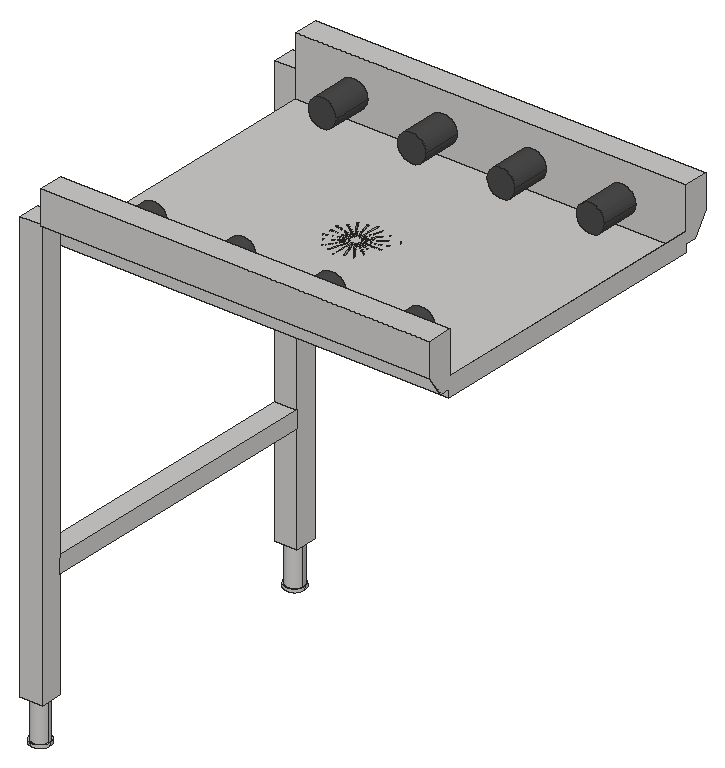
Revit family "QF_ELECTROLUXPROFESSIONAL_863139_HSSRC7", category Specialty Equipment, Revit 2018
Family settings
  Round Connector Dimension = Use Diameter
  Part Type = Normal
  Work Plane-Based = No
  Always vertical = Yes
  Cut with Voids When Loaded = No
  Shared = No
  Room Calculation Point = No
Parameters (values of type "QF_ELECTROLUX_863139_HSSRC7")
  Weight = 11.00 kg
  Watts = 0 W
  Volts = 0 V
  URL Manufacturer = "http://professional.electrolux.com"
  URL = "http://professional.electrolux.com"
  Steam Supply Size = 0 mm
  Steam Supply Minimum Pressure = 0.0 Pa
  Steam Supply Maximum Pressure = 0.0 Pa
  Steam Pounds per Hour = 0
  Refrigeration Suction Line Size = 0 mm
  Refrigeration Liquid Line Size = 0 mm
  Refrigerant Compressor Remote = yes
  Manufacturer = "Electrolux"
  Phase = 0
  Model = "HSSRC7"
  Length Actual = 700 mm  # constant formula
  Item Number = "863139"
  Hot Water Size = 0 mm
  Height Actual = 910 mm  # constant formula
  HP = "0 HP"
  Gas Size = 0 mm
  Gas KW = 0
  Gas Input Pressure = 0 W
  Description = "CONVEYOR, SHORT ROLLERS, 700 MM"
  Depth Actual = 620 mm  # constant formula
  Cycle = 0 Hz
  Condensate Return Size = 0 mm
  Compressed Air Volume = 0.0 L/s
  Compressed Air Size = 0 mm
  Compressed Air Pressure = 0.0 Pa
  Cold Water Size = 0 mm
  Accessory = yes
Values of the unnamed type that differ from the named types
  URL Manufacturer = ""
  Item Number = ""
  HP = ""
Reference planes
  plane 1 "Centro (Fronte/Retro)": y = 74.737
  plane 2: z = 0
  plane 3 "LEFT": x = -1038.761
  plane 4 "BACK": y = 384.737
  plane 5 "FRONT": y = -235.263
  plane 6: z = 910
  plane 7 "RIGHT": x = -338.761
  plane 8: x = -718.761
Forms (mm)
  Extrusion 1, solid, material "QF_Finishes_Stainless Steel"
    sketch origin (0, 74.737, 0) x (1, 0, 0) y (0, 0, 1)
      loop
        line (-1079.929, 300) -> (-1079.929, 270) -> (-1039.929, 270) -> (-1039.929, 300) -> (-1079.929, 300)
    from -266.504 to 266.46
  Extrusion 2, solid, material "QF_Finishes_Stainless Steel"
    sketch origin (111.239, 0, 0) x (0, 1, 0) y (0, 0, 1)
      loop
        line (-235.263, 910) -> (-235.263, 850.033) -> (-190.242, 850.033) -> (-190.242, 910) -> (-235.263, 910)
      loop
        line (384.737, 910) -> (339.716, 910) -> (339.716, 850.033) -> (384.737, 850.033) -> (384.737, 910)
    from -1151.168 to -451.168
  Extrusion 3, solid, material "QF_Finishes_Stainless Steel"
    sketch origin (111.239, 0, 0) x (0, 1, 0) y (0, 0, 1)
      loop
        line (-191.727, 850.033) -> (-191.727, 800.081) -> (341.245, 800.081) -> (341.245, 850.033) -> (339.716, 850.033) -> (339.716, 803.081) -> (-190.242, 803.081) -> (-190.242, 850.033) -> (-191.727, 850.033)
    from -1151.168 to -451.168
  Extrusion 4, solid, material "QF_Finishes_Stainless Steel"
    sketch origin (1161.239, 723.253, 4000) x (0, 1, 0) y (0, 0, 1)
      loop
        line (-958.516, -3090) -> (-958.516, -3149.967) -> (-934.752, -3185.632) -> (-915.4, -3185.632) -> (-915.4, -3199.919) -> (-381.633, -3199.919) -> (-381.633, -3185.632) -> (-362.281, -3185.632) -> (-338.516, -3149.967) -> (-338.516, -3090) -> (-383.538, -3090) -> (-383.538, -3165.411) -> (-913.495, -3165.411) -> (-913.495, -3090) -> (-958.516, -3090)
    from -1500 to -1501.168
  Revolve 5, solid, material "QF_Finishes_Stainless Steel"
    sketch origin (-718.761, 0, 0) x (0, 1, 0) y (0, 0, 1)
      loop
        line (74.737, 800.081) -> (12.53, 800.081) -> (12.319, 797.4) -> (12.319, 785.476) -> (17.293, 785.476) -> (17.293, 781.772)
        arc (17.293, 781.772) -> (20.266, 773.808) -> (27.77, 769.813) r 11.998
        line (27.77, 769.813) -> (74.737, 764.085) -> (74.737, 800.081)
      axis (74.737, 764.085) -> (74.737, 800.081)
    angle from 0 to 360
  Revolve 6, solid, material "QF_Finishes_Stainless Steel"
    sketch origin (-688.761, -1524, 744.096) x (0, 0, 1) y (0, -1, 0)
      loop
        line (13.017, -1619.713) -> (30, -1619.713) -> (30, -1598.737) -> (0, -1598.737) -> (0, -1619.713) -> (2.434, -1622.253) -> (10.477, -1622.253) -> (13.017, -1619.713)
      axis (0, -1598.737) -> (30, -1598.737)
    angle from 0 to 360
  Extrusion 7, solid, material "QF_Finishes_Black"
    sketch origin (95, 74.737, 0) x (1, 0, 0) y (0, 0, -1)
      loop
        circle (-1028.137, -850.115) r 25
      loop
        circle (-867.137, -850.115) r 25
      loop
        circle (-706.137, -850.115) r 25
      loop
        circle (-545.137, -850.115) r 25
    from 190.58 to 260.534
  Extrusion 8, void
    sketch origin (-720.285, 74.899, -57.5) x (1, 0, 0) y (0, 1, 0)
      loop
        arc (-0.452, 24.162) -> (-1.193, 23.855) -> (-1.5, 23.114) r 1.048
        line (-1.5, 23.114) -> (-1.5, 10.174)
        arc (-1.5, 10.174) -> (-1.204, 9.458) -> (-0.488, 9.162) r 1.012
        line (-0.488, 9.162) -> (0.467, 9.162)
        arc (0.467, 9.162) -> (1.197, 9.465) -> (1.5, 10.196) r 1.033
        line (1.5, 10.196) -> (1.5, 23.164)
        arc (1.5, 23.164) -> (1.208, 23.87) -> (0.502, 24.162) r 0.998
        line (0.502, 24.162) -> (-0.452, 24.162)
      loop
        arc (-1.5, 28.981) -> (-1.204, 28.266) -> (-0.488, 27.97) r 1.012
        line (-0.488, 27.97) -> (0.467, 27.97)
        arc (0.467, 27.97) -> (1.197, 28.272) -> (1.5, 29.003) r 1.033
        line (1.5, 29.003) -> (1.5, 49.094)
        arc (1.5, 49.094) -> (1.208, 49.8) -> (0.502, 50.092) r 0.998
        line (0.502, 50.092) -> (-0.452, 50.092)
        arc (-0.452, 50.092) -> (-1.193, 49.785) -> (-1.5, 49.044) r 1.048
        line (-1.5, 49.044) -> (-1.5, 28.981)
    from 829.129 to 875
  Extrusion 9, void
    sketch origin (-720.285, 74.899, -57.5) x (0.809017, -0.587785, 0) y (0.587785, 0.809017, 0)
      loop
        arc (-0.452, 24.162) -> (-1.193, 23.855) -> (-1.5, 23.114) r 1.048
        line (-1.5, 23.114) -> (-1.5, 10.174)
        arc (-1.5, 10.174) -> (-1.204, 9.458) -> (-0.488, 9.162) r 1.012
        line (-0.488, 9.162) -> (0.467, 9.162)
        arc (0.467, 9.162) -> (1.197, 9.465) -> (1.5, 10.196) r 1.033
        line (1.5, 10.196) -> (1.5, 23.164)
        arc (1.5, 23.164) -> (1.208, 23.87) -> (0.502, 24.162) r 0.998
        line (0.502, 24.162) -> (-0.452, 24.162)
      loop
        arc (-1.5, 28.981) -> (-1.204, 28.266) -> (-0.488, 27.97) r 1.012
        line (-0.488, 27.97) -> (0.467, 27.97)
        arc (0.467, 27.97) -> (1.197, 28.272) -> (1.5, 29.003) r 1.033
        line (1.5, 29.003) -> (1.5, 49.094)
        arc (1.5, 49.094) -> (1.208, 49.8) -> (0.502, 50.092) r 0.998
        line (0.502, 50.092) -> (-0.452, 50.092)
        arc (-0.452, 50.092) -> (-1.193, 49.785) -> (-1.5, 49.044) r 1.048
        line (-1.5, 49.044) -> (-1.5, 28.981)
    from 829.129 to 875
  Extrusion 10, void
    sketch origin (-720.285, 74.899, -57.5) x (0.809017, 0.587785, 0) y (-0.587785, 0.809017, 0)
      loop
        arc (-0.452, 24.162) -> (-1.193, 23.855) -> (-1.5, 23.114) r 1.048
        line (-1.5, 23.114) -> (-1.5, 10.174)
        arc (-1.5, 10.174) -> (-1.204, 9.458) -> (-0.488, 9.162) r 1.012
        line (-0.488, 9.162) -> (0.467, 9.162)
        arc (0.467, 9.162) -> (1.197, 9.465) -> (1.5, 10.196) r 1.033
        line (1.5, 10.196) -> (1.5, 23.164)
        arc (1.5, 23.164) -> (1.208, 23.87) -> (0.502, 24.162) r 0.998
        line (0.502, 24.162) -> (-0.452, 24.162)
      loop
        arc (-1.5, 28.981) -> (-1.204, 28.266) -> (-0.488, 27.97) r 1.012
        line (-0.488, 27.97) -> (0.467, 27.97)
        arc (0.467, 27.97) -> (1.197, 28.272) -> (1.5, 29.003) r 1.033
        line (1.5, 29.003) -> (1.5, 49.094)
        arc (1.5, 49.094) -> (1.208, 49.8) -> (0.502, 50.092) r 0.998
        line (0.502, 50.092) -> (-0.452, 50.092)
        arc (-0.452, 50.092) -> (-1.193, 49.785) -> (-1.5, 49.044) r 1.048
        line (-1.5, 49.044) -> (-1.5, 28.981)
    from 829.129 to 875
  Extrusion 11, void
    sketch origin (-720.285, 74.899, -57.5) x (0.309017, 0.951057, 0) y (-0.951057, 0.309017, 0)
      loop
        arc (-0.452, 24.162) -> (-1.193, 23.855) -> (-1.5, 23.114) r 1.048
        line (-1.5, 23.114) -> (-1.5, 10.174)
        arc (-1.5, 10.174) -> (-1.204, 9.458) -> (-0.488, 9.162) r 1.012
        line (-0.488, 9.162) -> (0.467, 9.162)
        arc (0.467, 9.162) -> (1.197, 9.465) -> (1.5, 10.196) r 1.033
        line (1.5, 10.196) -> (1.5, 23.164)
        arc (1.5, 23.164) -> (1.208, 23.87) -> (0.502, 24.162) r 0.998
        line (0.502, 24.162) -> (-0.452, 24.162)
      loop
        arc (-1.5, 28.981) -> (-1.204, 28.266) -> (-0.488, 27.97) r 1.012
        line (-0.488, 27.97) -> (0.467, 27.97)
        arc (0.467, 27.97) -> (1.197, 28.272) -> (1.5, 29.003) r 1.033
        line (1.5, 29.003) -> (1.5, 49.094)
        arc (1.5, 49.094) -> (1.208, 49.8) -> (0.502, 50.092) r 0.998
        line (0.502, 50.092) -> (-0.452, 50.092)
        arc (-0.452, 50.092) -> (-1.193, 49.785) -> (-1.5, 49.044) r 1.048
        line (-1.5, 49.044) -> (-1.5, 28.981)
    from 829.129 to 875
  Extrusion 12, void
    sketch origin (-720.285, 74.899, -57.5) x (-0.309017, 0.951057, 0) y (-0.951057, -0.309017, 0)
      loop
        arc (-0.452, 24.162) -> (-1.193, 23.855) -> (-1.5, 23.114) r 1.048
        line (-1.5, 23.114) -> (-1.5, 10.174)
        arc (-1.5, 10.174) -> (-1.204, 9.458) -> (-0.488, 9.162) r 1.012
        line (-0.488, 9.162) -> (0.467, 9.162)
        arc (0.467, 9.162) -> (1.197, 9.465) -> (1.5, 10.196) r 1.033
        line (1.5, 10.196) -> (1.5, 23.164)
        arc (1.5, 23.164) -> (1.208, 23.87) -> (0.502, 24.162) r 0.998
        line (0.502, 24.162) -> (-0.452, 24.162)
      loop
        arc (-1.5, 28.981) -> (-1.204, 28.266) -> (-0.488, 27.97) r 1.012
        line (-0.488, 27.97) -> (0.467, 27.97)
        arc (0.467, 27.97) -> (1.197, 28.272) -> (1.5, 29.003) r 1.033
        line (1.5, 29.003) -> (1.5, 49.094)
        arc (1.5, 49.094) -> (1.208, 49.8) -> (0.502, 50.092) r 0.998
        line (0.502, 50.092) -> (-0.452, 50.092)
        arc (-0.452, 50.092) -> (-1.193, 49.785) -> (-1.5, 49.044) r 1.048
        line (-1.5, 49.044) -> (-1.5, 28.981)
    from 829.129 to 875
  Extrusion 13, void
    sketch origin (-720.285, 74.899, -57.5) x (-0.809017, 0.587785, 0) y (-0.587785, -0.809017, 0)
      loop
        arc (-0.452, 24.162) -> (-1.193, 23.855) -> (-1.5, 23.114) r 1.048
        line (-1.5, 23.114) -> (-1.5, 10.174)
        arc (-1.5, 10.174) -> (-1.204, 9.458) -> (-0.488, 9.162) r 1.012
        line (-0.488, 9.162) -> (0.467, 9.162)
        arc (0.467, 9.162) -> (1.197, 9.465) -> (1.5, 10.196) r 1.033
        line (1.5, 10.196) -> (1.5, 23.164)
        arc (1.5, 23.164) -> (1.208, 23.87) -> (0.502, 24.162) r 0.998
        line (0.502, 24.162) -> (-0.452, 24.162)
      loop
        arc (-1.5, 28.981) -> (-1.204, 28.266) -> (-0.488, 27.97) r 1.012
        line (-0.488, 27.97) -> (0.467, 27.97)
        arc (0.467, 27.97) -> (1.197, 28.272) -> (1.5, 29.003) r 1.033
        line (1.5, 29.003) -> (1.5, 49.094)
        arc (1.5, 49.094) -> (1.208, 49.8) -> (0.502, 50.092) r 0.998
        line (0.502, 50.092) -> (-0.452, 50.092)
        arc (-0.452, 50.092) -> (-1.193, 49.785) -> (-1.5, 49.044) r 1.048
        line (-1.5, 49.044) -> (-1.5, 28.981)
    from 829.129 to 875
  Extrusion 14, void
    sketch origin (-720.285, 74.899, -57.5) x (-1, 0, 0) y (0, -1, 0)
      loop
        arc (-0.452, 24.162) -> (-1.193, 23.855) -> (-1.5, 23.114) r 1.048
        line (-1.5, 23.114) -> (-1.5, 10.174)
        arc (-1.5, 10.174) -> (-1.204, 9.458) -> (-0.488, 9.162) r 1.012
        line (-0.488, 9.162) -> (0.467, 9.162)
        arc (0.467, 9.162) -> (1.197, 9.465) -> (1.5, 10.196) r 1.033
        line (1.5, 10.196) -> (1.5, 23.164)
        arc (1.5, 23.164) -> (1.208, 23.87) -> (0.502, 24.162) r 0.998
        line (0.502, 24.162) -> (-0.452, 24.162)
      loop
        arc (-1.5, 28.981) -> (-1.204, 28.266) -> (-0.488, 27.97) r 1.012
        line (-0.488, 27.97) -> (0.467, 27.97)
        arc (0.467, 27.97) -> (1.197, 28.272) -> (1.5, 29.003) r 1.033
        line (1.5, 29.003) -> (1.5, 49.094)
        arc (1.5, 49.094) -> (1.208, 49.8) -> (0.502, 50.092) r 0.998
        line (0.502, 50.092) -> (-0.452, 50.092)
        arc (-0.452, 50.092) -> (-1.193, 49.785) -> (-1.5, 49.044) r 1.048
        line (-1.5, 49.044) -> (-1.5, 28.981)
    from 829.129 to 875
  Extrusion 15, void
    sketch origin (-720.285, 74.899, -57.5) x (-0.809017, -0.587785, 0) y (0.587785, -0.809017, 0)
      loop
        arc (-0.452, 24.162) -> (-1.193, 23.855) -> (-1.5, 23.114) r 1.048
        line (-1.5, 23.114) -> (-1.5, 10.174)
        arc (-1.5, 10.174) -> (-1.204, 9.458) -> (-0.488, 9.162) r 1.012
        line (-0.488, 9.162) -> (0.467, 9.162)
        arc (0.467, 9.162) -> (1.197, 9.465) -> (1.5, 10.196) r 1.033
        line (1.5, 10.196) -> (1.5, 23.164)
        arc (1.5, 23.164) -> (1.208, 23.87) -> (0.502, 24.162) r 0.998
        line (0.502, 24.162) -> (-0.452, 24.162)
      loop
        arc (-1.5, 28.981) -> (-1.204, 28.266) -> (-0.488, 27.97) r 1.012
        line (-0.488, 27.97) -> (0.467, 27.97)
        arc (0.467, 27.97) -> (1.197, 28.272) -> (1.5, 29.003) r 1.033
        line (1.5, 29.003) -> (1.5, 49.094)
        arc (1.5, 49.094) -> (1.208, 49.8) -> (0.502, 50.092) r 0.998
        line (0.502, 50.092) -> (-0.452, 50.092)
        arc (-0.452, 50.092) -> (-1.193, 49.785) -> (-1.5, 49.044) r 1.048
        line (-1.5, 49.044) -> (-1.5, 28.981)
    from 829.129 to 875
  Extrusion 16, void
    sketch origin (-720.285, 74.899, -57.5) x (-0.309017, -0.951057, 0) y (0.951057, -0.309017, 0)
      loop
        arc (-0.452, 24.162) -> (-1.193, 23.855) -> (-1.5, 23.114) r 1.048
        line (-1.5, 23.114) -> (-1.5, 10.174)
        arc (-1.5, 10.174) -> (-1.204, 9.458) -> (-0.488, 9.162) r 1.012
        line (-0.488, 9.162) -> (0.467, 9.162)
        arc (0.467, 9.162) -> (1.197, 9.465) -> (1.5, 10.196) r 1.033
        line (1.5, 10.196) -> (1.5, 23.164)
        arc (1.5, 23.164) -> (1.208, 23.87) -> (0.502, 24.162) r 0.998
        line (0.502, 24.162) -> (-0.452, 24.162)
      loop
        arc (-1.5, 28.981) -> (-1.204, 28.266) -> (-0.488, 27.97) r 1.012
        line (-0.488, 27.97) -> (0.467, 27.97)
        arc (0.467, 27.97) -> (1.197, 28.272) -> (1.5, 29.003) r 1.033
        line (1.5, 29.003) -> (1.5, 49.094)
        arc (1.5, 49.094) -> (1.208, 49.8) -> (0.502, 50.092) r 0.998
        line (0.502, 50.092) -> (-0.452, 50.092)
        arc (-0.452, 50.092) -> (-1.193, 49.785) -> (-1.5, 49.044) r 1.048
        line (-1.5, 49.044) -> (-1.5, 28.981)
    from 829.129 to 875
  Extrusion 17, void
    sketch origin (-720.285, 74.899, -57.5) x (0.309017, -0.951057, 0) y (0.951057, 0.309017, 0)
      loop
        arc (-0.452, 24.162) -> (-1.193, 23.855) -> (-1.5, 23.114) r 1.048
        line (-1.5, 23.114) -> (-1.5, 10.174)
        arc (-1.5, 10.174) -> (-1.204, 9.458) -> (-0.488, 9.162) r 1.012
        line (-0.488, 9.162) -> (0.467, 9.162)
        arc (0.467, 9.162) -> (1.197, 9.465) -> (1.5, 10.196) r 1.033
        line (1.5, 10.196) -> (1.5, 23.164)
        arc (1.5, 23.164) -> (1.208, 23.87) -> (0.502, 24.162) r 0.998
        line (0.502, 24.162) -> (-0.452, 24.162)
      loop
        arc (-1.5, 28.981) -> (-1.204, 28.266) -> (-0.488, 27.97) r 1.012
        line (-0.488, 27.97) -> (0.467, 27.97)
        arc (0.467, 27.97) -> (1.197, 28.272) -> (1.5, 29.003) r 1.033
        line (1.5, 29.003) -> (1.5, 49.094)
        arc (1.5, 49.094) -> (1.208, 49.8) -> (0.502, 50.092) r 0.998
        line (0.502, 50.092) -> (-0.452, 50.092)
        arc (-0.452, 50.092) -> (-1.193, 49.785) -> (-1.5, 49.044) r 1.048
        line (-1.5, 49.044) -> (-1.5, 28.981)
    from 829.129 to 875
  Extrusion 18, void
    sketch origin (-990.285, 74.899, -57.5) x (1, 0, 0) y (0, 1, 0)
      loop
        circle (270, 0) r 5
    from 829.129 to 875
  Extrusion 19, void
    sketch origin (-720.285, 74.899, -57.5) x (1, 0, 0) y (0, 1, 0)
      loop
        arc (-24.168, 1.5) -> (-24.873, 1.208) -> (-25.165, 0.503) r 0.997
        line (-25.165, 0.503) -> (-25.165, -0.487)
        arc (-25.165, -0.487) -> (-24.868, -1.203) -> (-24.152, -1.5) r 1.013
        line (-24.152, -1.5) -> (-14.992, -1.5)
        arc (-14.992, -1.5) -> (-14.284, -1.207) -> (-13.992, -0.5) r 1
        line (-13.992, -0.5) -> (-13.992, 0.465)
        arc (-13.992, 0.465) -> (-14.295, 1.197) -> (-15.027, 1.5) r 1.035
        line (-15.027, 1.5) -> (-24.168, 1.5)
      loop
        arc (-45.428, 1.5) -> (-46.134, 1.208) -> (-46.426, 0.503) r 0.997
        line (-46.426, 0.503) -> (-46.426, -0.487)
        arc (-46.426, -0.487) -> (-46.129, -1.203) -> (-45.412, -1.5) r 1.013
        line (-45.412, -1.5) -> (-30.627, -1.5)
        arc (-30.627, -1.5) -> (-29.92, -1.207) -> (-29.627, -0.5) r 1
        line (-29.627, -0.5) -> (-29.627, 0.465)
        arc (-29.627, 0.465) -> (-29.93, 1.197) -> (-30.662, 1.5) r 1.035
        line (-30.662, 1.5) -> (-45.428, 1.5)
    from 829.129 to 875
  Extrusion 20, void
    sketch origin (-720.285, 74.899, -57.5) x (0.809017, -0.587785, 0) y (0.587785, 0.809017, 0)
      loop
        arc (-24.168, 1.5) -> (-24.873, 1.208) -> (-25.165, 0.503) r 0.997
        line (-25.165, 0.503) -> (-25.165, -0.487)
        arc (-25.165, -0.487) -> (-24.868, -1.203) -> (-24.152, -1.5) r 1.013
        line (-24.152, -1.5) -> (-14.992, -1.5)
        arc (-14.992, -1.5) -> (-14.284, -1.207) -> (-13.992, -0.5) r 1
        line (-13.992, -0.5) -> (-13.992, 0.465)
        arc (-13.992, 0.465) -> (-14.295, 1.197) -> (-15.027, 1.5) r 1.035
        line (-15.027, 1.5) -> (-24.168, 1.5)
      loop
        arc (-45.428, 1.5) -> (-46.134, 1.208) -> (-46.426, 0.503) r 0.997
        line (-46.426, 0.503) -> (-46.426, -0.487)
        arc (-46.426, -0.487) -> (-46.129, -1.203) -> (-45.412, -1.5) r 1.013
        line (-45.412, -1.5) -> (-30.627, -1.5)
        arc (-30.627, -1.5) -> (-29.92, -1.207) -> (-29.627, -0.5) r 1
        line (-29.627, -0.5) -> (-29.627, 0.465)
        arc (-29.627, 0.465) -> (-29.93, 1.197) -> (-30.662, 1.5) r 1.035
        line (-30.662, 1.5) -> (-45.428, 1.5)
    from 829.129 to 875
  Extrusion 21, void
    sketch origin (-720.285, 74.899, -57.5) x (0.809017, 0.587785, 0) y (-0.587785, 0.809017, 0)
      loop
        arc (-24.168, 1.5) -> (-24.873, 1.208) -> (-25.165, 0.503) r 0.997
        line (-25.165, 0.503) -> (-25.165, -0.487)
        arc (-25.165, -0.487) -> (-24.868, -1.203) -> (-24.152, -1.5) r 1.013
        line (-24.152, -1.5) -> (-14.992, -1.5)
        arc (-14.992, -1.5) -> (-14.284, -1.207) -> (-13.992, -0.5) r 1
        line (-13.992, -0.5) -> (-13.992, 0.465)
        arc (-13.992, 0.465) -> (-14.295, 1.197) -> (-15.027, 1.5) r 1.035
        line (-15.027, 1.5) -> (-24.168, 1.5)
      loop
        arc (-45.428, 1.5) -> (-46.134, 1.208) -> (-46.426, 0.503) r 0.997
        line (-46.426, 0.503) -> (-46.426, -0.487)
        arc (-46.426, -0.487) -> (-46.129, -1.203) -> (-45.412, -1.5) r 1.013
        line (-45.412, -1.5) -> (-30.627, -1.5)
        arc (-30.627, -1.5) -> (-29.92, -1.207) -> (-29.627, -0.5) r 1
        line (-29.627, -0.5) -> (-29.627, 0.465)
        arc (-29.627, 0.465) -> (-29.93, 1.197) -> (-30.662, 1.5) r 1.035
        line (-30.662, 1.5) -> (-45.428, 1.5)
    from 829.129 to 875
  Extrusion 22, void
    sketch origin (-720.285, 74.899, -57.5) x (0.309017, 0.951057, 0) y (-0.951057, 0.309017, 0)
      loop
        arc (-24.168, 1.5) -> (-24.873, 1.208) -> (-25.165, 0.503) r 0.997
        line (-25.165, 0.503) -> (-25.165, -0.487)
        arc (-25.165, -0.487) -> (-24.868, -1.203) -> (-24.152, -1.5) r 1.013
        line (-24.152, -1.5) -> (-14.992, -1.5)
        arc (-14.992, -1.5) -> (-14.284, -1.207) -> (-13.992, -0.5) r 1
        line (-13.992, -0.5) -> (-13.992, 0.465)
        arc (-13.992, 0.465) -> (-14.295, 1.197) -> (-15.027, 1.5) r 1.035
        line (-15.027, 1.5) -> (-24.168, 1.5)
      loop
        arc (-45.428, 1.5) -> (-46.134, 1.208) -> (-46.426, 0.503) r 0.997
        line (-46.426, 0.503) -> (-46.426, -0.487)
        arc (-46.426, -0.487) -> (-46.129, -1.203) -> (-45.412, -1.5) r 1.013
        line (-45.412, -1.5) -> (-30.627, -1.5)
        arc (-30.627, -1.5) -> (-29.92, -1.207) -> (-29.627, -0.5) r 1
        line (-29.627, -0.5) -> (-29.627, 0.465)
        arc (-29.627, 0.465) -> (-29.93, 1.197) -> (-30.662, 1.5) r 1.035
        line (-30.662, 1.5) -> (-45.428, 1.5)
    from 829.129 to 875
  Extrusion 23, void
    sketch origin (-720.285, 74.899, -57.5) x (-0.309017, 0.951057, 0) y (-0.951057, -0.309017, 0)
      loop
        arc (-24.168, 1.5) -> (-24.873, 1.208) -> (-25.165, 0.503) r 0.997
        line (-25.165, 0.503) -> (-25.165, -0.487)
        arc (-25.165, -0.487) -> (-24.868, -1.203) -> (-24.152, -1.5) r 1.013
        line (-24.152, -1.5) -> (-14.992, -1.5)
        arc (-14.992, -1.5) -> (-14.284, -1.207) -> (-13.992, -0.5) r 1
        line (-13.992, -0.5) -> (-13.992, 0.465)
        arc (-13.992, 0.465) -> (-14.295, 1.197) -> (-15.027, 1.5) r 1.035
        line (-15.027, 1.5) -> (-24.168, 1.5)
      loop
        arc (-45.428, 1.5) -> (-46.134, 1.208) -> (-46.426, 0.503) r 0.997
        line (-46.426, 0.503) -> (-46.426, -0.487)
        arc (-46.426, -0.487) -> (-46.129, -1.203) -> (-45.412, -1.5) r 1.013
        line (-45.412, -1.5) -> (-30.627, -1.5)
        arc (-30.627, -1.5) -> (-29.92, -1.207) -> (-29.627, -0.5) r 1
        line (-29.627, -0.5) -> (-29.627, 0.465)
        arc (-29.627, 0.465) -> (-29.93, 1.197) -> (-30.662, 1.5) r 1.035
        line (-30.662, 1.5) -> (-45.428, 1.5)
    from 829.129 to 875
  Extrusion 24, void
    sketch origin (-720.285, 74.899, -57.5) x (-0.809017, 0.587785, 0) y (-0.587785, -0.809017, 0)
      loop
        arc (-24.168, 1.5) -> (-24.873, 1.208) -> (-25.165, 0.503) r 0.997
        line (-25.165, 0.503) -> (-25.165, -0.487)
        arc (-25.165, -0.487) -> (-24.868, -1.203) -> (-24.152, -1.5) r 1.013
        line (-24.152, -1.5) -> (-14.992, -1.5)
        arc (-14.992, -1.5) -> (-14.284, -1.207) -> (-13.992, -0.5) r 1
        line (-13.992, -0.5) -> (-13.992, 0.465)
        arc (-13.992, 0.465) -> (-14.295, 1.197) -> (-15.027, 1.5) r 1.035
        line (-15.027, 1.5) -> (-24.168, 1.5)
      loop
        arc (-45.428, 1.5) -> (-46.134, 1.208) -> (-46.426, 0.503) r 0.997
        line (-46.426, 0.503) -> (-46.426, -0.487)
        arc (-46.426, -0.487) -> (-46.129, -1.203) -> (-45.412, -1.5) r 1.013
        line (-45.412, -1.5) -> (-30.627, -1.5)
        arc (-30.627, -1.5) -> (-29.92, -1.207) -> (-29.627, -0.5) r 1
        line (-29.627, -0.5) -> (-29.627, 0.465)
        arc (-29.627, 0.465) -> (-29.93, 1.197) -> (-30.662, 1.5) r 1.035
        line (-30.662, 1.5) -> (-45.428, 1.5)
    from 829.129 to 875
  Extrusion 25, void
    sketch origin (-720.285, 74.899, -57.5) x (-1, 0, 0) y (0, -1, 0)
      loop
        arc (-24.168, 1.5) -> (-24.873, 1.208) -> (-25.165, 0.503) r 0.997
        line (-25.165, 0.503) -> (-25.165, -0.487)
        arc (-25.165, -0.487) -> (-24.868, -1.203) -> (-24.152, -1.5) r 1.013
        line (-24.152, -1.5) -> (-14.992, -1.5)
        arc (-14.992, -1.5) -> (-14.284, -1.207) -> (-13.992, -0.5) r 1
        line (-13.992, -0.5) -> (-13.992, 0.465)
        arc (-13.992, 0.465) -> (-14.295, 1.197) -> (-15.027, 1.5) r 1.035
        line (-15.027, 1.5) -> (-24.168, 1.5)
      loop
        arc (-45.428, 1.5) -> (-46.134, 1.208) -> (-46.426, 0.503) r 0.997
        line (-46.426, 0.503) -> (-46.426, -0.487)
        arc (-46.426, -0.487) -> (-46.129, -1.203) -> (-45.412, -1.5) r 1.013
        line (-45.412, -1.5) -> (-30.627, -1.5)
        arc (-30.627, -1.5) -> (-29.92, -1.207) -> (-29.627, -0.5) r 1
        line (-29.627, -0.5) -> (-29.627, 0.465)
        arc (-29.627, 0.465) -> (-29.93, 1.197) -> (-30.662, 1.5) r 1.035
        line (-30.662, 1.5) -> (-45.428, 1.5)
    from 829.129 to 875
  Extrusion 26, void
    sketch origin (-720.285, 74.899, -57.5) x (-0.809017, -0.587785, 0) y (0.587785, -0.809017, 0)
      loop
        arc (-24.168, 1.5) -> (-24.873, 1.208) -> (-25.165, 0.503) r 0.997
        line (-25.165, 0.503) -> (-25.165, -0.487)
        arc (-25.165, -0.487) -> (-24.868, -1.203) -> (-24.152, -1.5) r 1.013
        line (-24.152, -1.5) -> (-14.992, -1.5)
        arc (-14.992, -1.5) -> (-14.284, -1.207) -> (-13.992, -0.5) r 1
        line (-13.992, -0.5) -> (-13.992, 0.465)
        arc (-13.992, 0.465) -> (-14.295, 1.197) -> (-15.027, 1.5) r 1.035
        line (-15.027, 1.5) -> (-24.168, 1.5)
      loop
        arc (-45.428, 1.5) -> (-46.134, 1.208) -> (-46.426, 0.503) r 0.997
        line (-46.426, 0.503) -> (-46.426, -0.487)
        arc (-46.426, -0.487) -> (-46.129, -1.203) -> (-45.412, -1.5) r 1.013
        line (-45.412, -1.5) -> (-30.627, -1.5)
        arc (-30.627, -1.5) -> (-29.92, -1.207) -> (-29.627, -0.5) r 1
        line (-29.627, -0.5) -> (-29.627, 0.465)
        arc (-29.627, 0.465) -> (-29.93, 1.197) -> (-30.662, 1.5) r 1.035
        line (-30.662, 1.5) -> (-45.428, 1.5)
    from 829.129 to 875
  Extrusion 27, void
    sketch origin (-720.285, 74.899, -57.5) x (-0.309017, -0.951057, 0) y (0.951057, -0.309017, 0)
      loop
        arc (-24.168, 1.5) -> (-24.873, 1.208) -> (-25.165, 0.503) r 0.997
        line (-25.165, 0.503) -> (-25.165, -0.487)
        arc (-25.165, -0.487) -> (-24.868, -1.203) -> (-24.152, -1.5) r 1.013
        line (-24.152, -1.5) -> (-14.992, -1.5)
        arc (-14.992, -1.5) -> (-14.284, -1.207) -> (-13.992, -0.5) r 1
        line (-13.992, -0.5) -> (-13.992, 0.465)
        arc (-13.992, 0.465) -> (-14.295, 1.197) -> (-15.027, 1.5) r 1.035
        line (-15.027, 1.5) -> (-24.168, 1.5)
      loop
        arc (-45.428, 1.5) -> (-46.134, 1.208) -> (-46.426, 0.503) r 0.997
        line (-46.426, 0.503) -> (-46.426, -0.487)
        arc (-46.426, -0.487) -> (-46.129, -1.203) -> (-45.412, -1.5) r 1.013
        line (-45.412, -1.5) -> (-30.627, -1.5)
        arc (-30.627, -1.5) -> (-29.92, -1.207) -> (-29.627, -0.5) r 1
        line (-29.627, -0.5) -> (-29.627, 0.465)
        arc (-29.627, 0.465) -> (-29.93, 1.197) -> (-30.662, 1.5) r 1.035
        line (-30.662, 1.5) -> (-45.428, 1.5)
    from 829.129 to 875
  Extrusion 28, void
    sketch origin (-720.285, 74.899, -57.5) x (0.309017, -0.951057, 0) y (0.951057, 0.309017, 0)
      loop
        arc (-24.168, 1.5) -> (-24.873, 1.208) -> (-25.165, 0.503) r 0.997
        line (-25.165, 0.503) -> (-25.165, -0.487)
        arc (-25.165, -0.487) -> (-24.868, -1.203) -> (-24.152, -1.5) r 1.013
        line (-24.152, -1.5) -> (-14.992, -1.5)
        arc (-14.992, -1.5) -> (-14.284, -1.207) -> (-13.992, -0.5) r 1
        line (-13.992, -0.5) -> (-13.992, 0.465)
        arc (-13.992, 0.465) -> (-14.295, 1.197) -> (-15.027, 1.5) r 1.035
        line (-15.027, 1.5) -> (-24.168, 1.5)
      loop
        arc (-45.428, 1.5) -> (-46.134, 1.208) -> (-46.426, 0.503) r 0.997
        line (-46.426, 0.503) -> (-46.426, -0.487)
        arc (-46.426, -0.487) -> (-46.129, -1.203) -> (-45.412, -1.5) r 1.013
        line (-45.412, -1.5) -> (-30.627, -1.5)
        arc (-30.627, -1.5) -> (-29.92, -1.207) -> (-29.627, -0.5) r 1
        line (-29.627, -0.5) -> (-29.627, 0.465)
        arc (-29.627, 0.465) -> (-29.93, 1.197) -> (-30.662, 1.5) r 1.035
        line (-30.662, 1.5) -> (-45.428, 1.5)
    from 829.129 to 875
  Extrusion 29, solid, material "QF_Finishes_Black"
    sketch origin (95, 74.737, 0) x (1, 0, 0) y (0, 0, 1)
      loop
        circle (-1028.137, 850.115) r 25
      loop
        circle (-867.137, 850.115) r 25
      loop
        circle (-706.137, 850.115) r 25
      loop
        circle (-545.137, 850.115) r 25
    from 190.58 to 260.534
Cuts and joins
  Extrusion 8, Extrusion 9, Extrusion 10, Extrusion 11, Extrusion 12, Extrusion 13, Extrusion 14, Extrusion 15, Extrusion 16, Extrusion 17, Extrusion 19, Extrusion 20, Extrusion 21, Extrusion 22, Extrusion 23, Extrusion 24, Extrusion 25, Extrusion 26, Extrusion 27, Extrusion 28 cuts Extrusion 3
  joined: Extrusion 2, Extrusion 3, Extrusion 4, Revolve 5, Revolve 6
Lines and regions (mm)
  symbolic lines
    curve 1: line (-338.761, 384.737, 0) -> (-1038.761, 384.737, 0)
    curve 2: line (-1038.761, 384.737, 0) -> (-1038.761, -235.263, 0)
    curve 3: line (-1038.761, 339.716, 0) -> (-338.761, 339.716, 0)
    curve 4: line (-1038.761, -235.263, 0) -> (-338.761, -235.263, 0)
    curve 5: line (-338.761, -235.263, 0) -> (-338.761, 384.737, 0)
    curve 6: line (-338.761, -190.242, 0) -> (-1038.761, -190.242, 0)
    curve 7: line (-338.761, 74.737, 0) -> (-269.961, 74.737, 0)
    curve 8: line (-1038.761, 74.737, 0) -> (-1008.761, 74.737, 0)
    curve 9: arc (-718.761, 12.319, 0) -> (-781.179, 74.737, 0) -> (-718.761, 137.156, 0) r 62.418
    curve 10: arc (-718.761, 137.156, 0) -> (-656.342, 74.737, 0) -> (-718.761, 12.319, 0) r 62.418
    curve 11: arc (-688.761, 95.713, 0) -> (-709.737, 74.737, 0) -> (-688.761, 53.761, 0) r 20.976
    curve 12: arc (-688.761, 53.761, 0) -> (-667.785, 74.737, 0) -> (-688.761, 95.713, 0) r 20.976
    curve 13: line (-908.137, 265.317, 0) -> (-958.137, 265.317, 0)
    curve 14: line (-958.137, 265.317, 0) -> (-958.137, 335.271, 0)
    curve 15: line (-958.137, 335.271, 0) -> (-908.137, 335.271, 0)
    curve 16: line (-908.137, 335.271, 0) -> (-908.137, 265.317, 0)
    curve 17: line (-796.851, 265.317, 0) -> (-746.851, 265.317, 0)
    curve 18: line (-746.851, 265.317, 0) -> (-746.851, 335.271, 0)
    curve 19: line (-746.851, 335.271, 0) -> (-796.851, 335.271, 0)
    curve 20: line (-796.851, 335.271, 0) -> (-796.851, 265.317, 0)
    curve 21: line (-738.533, 97.463, 0) -> (-750.326, 113.695, 0)
    curve 22: arc (-750.326, 113.695, 0) -> (-750.513, 114.475, 0) -> (-750.094, 115.159, 0) r 1.048
    curve 23: line (-750.094, 115.159, 0) -> (-749.322, 115.719, 0)
    curve 24: arc (-749.322, 115.719, 0) -> (-748.579, 115.898, 0) -> (-747.928, 115.499, 0) r 0.998
    curve 25: line (-747.928, 115.499, 0) -> (-736.119, 99.244, 0)
    curve 26: arc (-736.119, 99.244, 0) -> (-735.934, 98.475, 0) -> (-736.347, 97.801, 0) r 1.033
    curve 27: line (-736.347, 97.801, 0) -> (-737.12, 97.24, 0)
    curve 28: arc (-737.12, 97.24, 0) -> (-737.873, 97.059, 0) -> (-738.533, 97.463, 0) r 1.012
    curve 29: line (-731.176, 103.564, 0) -> (-735.744, 117.625, 0)
    curve 30: arc (-735.744, 117.625, 0) -> (-735.684, 118.398, 0) -> (-735.094, 118.902, 0) r 1.013
    curve 31: line (-735.094, 118.902, 0) -> (-734.153, 119.208, 0)
    curve 32: arc (-734.153, 119.208, 0) -> (-733.392, 119.148, 0) -> (-732.896, 118.567, 0) r 0.997
    curve 33: line (-732.896, 118.567, 0) -> (-728.333, 104.524, 0)
    curve 34: arc (-728.333, 104.524, 0) -> (-728.395, 103.734, 0) -> (-728.998, 103.22, 0) r 1.035
    curve 35: line (-728.998, 103.22, 0) -> (-729.915, 102.921, 0)
    curve 36: arc (-729.915, 102.921, 0) -> (-730.678, 102.982, 0) -> (-731.176, 103.564, 0) r 1
    curve 37: line (-721.785, 103.88, 0) -> (-721.785, 123.943, 0)
    curve 38: arc (-721.785, 123.943, 0) -> (-721.478, 124.684, 0) -> (-720.737, 124.991, 0) r 1.048
    curve 39: line (-720.737, 124.991, 0) -> (-719.783, 124.991, 0)
    curve 40: arc (-719.783, 124.991, 0) -> (-719.077, 124.699, 0) -> (-718.785, 123.993, 0) r 0.998
    curve 41: line (-718.785, 123.993, 0) -> (-718.785, 103.902, 0)
    curve 42: arc (-718.785, 103.902, 0) -> (-719.087, 103.171, 0) -> (-719.818, 102.869, 0) r 1.033
    curve 43: line (-719.818, 102.869, 0) -> (-720.773, 102.869, 0)
    curve 44: arc (-720.773, 102.869, 0) -> (-721.488, 103.165, 0) -> (-721.785, 103.88, 0) r 1.012
    curve 45: line (-712.247, 104.491, 0) -> (-707.678, 118.552, 0)
    curve 46: arc (-707.678, 118.552, 0) -> (-707.174, 119.142, 0) -> (-706.401, 119.203, 0) r 1.013
    curve 47: line (-706.401, 119.203, 0) -> (-705.46, 118.897, 0)
    curve 48: arc (-705.46, 118.897, 0) -> (-704.88, 118.401, 0) -> (-704.82, 117.64, 0) r 0.997
    curve 49: line (-704.82, 117.64, 0) -> (-709.383, 103.597, 0)
    curve 50: arc (-709.383, 103.597, 0) -> (-709.897, 102.995, 0) -> (-710.687, 102.932, 0) r 1.035
    curve 51: line (-710.687, 102.932, 0) -> (-711.605, 103.23, 0)
    curve 52: arc (-711.605, 103.23, 0) -> (-712.187, 103.728, 0) -> (-712.247, 104.491, 0) r 1
    curve 53: line (-704.463, 99.227, 0) -> (-692.671, 115.458, 0)
    curve 54: arc (-692.671, 115.458, 0) -> (-691.987, 115.877, 0) -> (-691.207, 115.69, 0) r 1.048
    curve 55: line (-691.207, 115.69, 0) -> (-690.435, 115.129, 0)
    curve 56: arc (-690.435, 115.129, 0) -> (-690.036, 114.478, 0) -> (-690.214, 113.735, 0) r 0.998
    curve 57: line (-690.214, 113.735, 0) -> (-702.024, 97.481, 0)
    curve 58: arc (-702.024, 97.481, 0) -> (-702.698, 97.068, 0) -> (-703.467, 97.252, 0) r 1.033
    curve 59: line (-703.467, 97.252, 0) -> (-704.24, 97.814, 0)
    curve 60: arc (-704.24, 97.814, 0) -> (-704.644, 98.474, 0) -> (-704.463, 99.227, 0) r 1.012
    curve 61: line (-696.388, 94.115, 0) -> (-684.427, 102.805, 0)
    curve 62: arc (-684.427, 102.805, 0) -> (-683.673, 102.986, 0) -> (-683.011, 102.581, 0) r 1.013
    curve 63: line (-683.011, 102.581, 0) -> (-682.43, 101.781, 0)
    curve 64: arc (-682.43, 101.781, 0) -> (-682.252, 101.038, 0) -> (-682.651, 100.387, 0) r 0.997
    curve 65: line (-682.651, 100.387, 0) -> (-694.597, 91.708, 0)
    curve 66: arc (-694.597, 91.708, 0) -> (-695.367, 91.523, 0) -> (-696.043, 91.937, 0) r 1.035
    curve 67: line (-696.043, 91.937, 0) -> (-696.61, 92.718, 0)
    curve 68: arc (-696.61, 92.718, 0) -> (-696.788, 93.462, 0) -> (-696.388, 94.115, 0) r 1
    curve 69: line (-693.185, 85.281, 0) -> (-674.105, 91.481, 0)
    curve 70: arc (-674.105, 91.481, 0) -> (-673.305, 91.418, 0) -> (-672.784, 90.808, 0) r 1.048
    curve 71: line (-672.784, 90.808, 0) -> (-672.489, 89.901, 0)
    curve 72: arc (-672.489, 89.901, 0) -> (-672.549, 89.139, 0) -> (-673.13, 88.643, 0) r 0.998
    curve 73: line (-673.13, 88.643, 0) -> (-692.238, 82.435, 0)
    curve 74: arc (-692.238, 82.435, 0) -> (-693.026, 82.497, 0) -> (-693.54, 83.098, 0) r 1.033
    curve 75: line (-693.54, 83.098, 0) -> (-693.835, 84.007, 0)
    curve 76: arc (-693.835, 84.007, 0) -> (-693.774, 84.778, 0) -> (-693.185, 85.281, 0) r 1.012
    curve 77: line (-689.658, 76.399, 0) -> (-674.872, 76.399, 0)
    curve 78: arc (-674.872, 76.399, 0) -> (-674.156, 76.102, 0) -> (-673.859, 75.386, 0) r 1.013
    curve 79: line (-673.859, 75.386, 0) -> (-673.859, 74.396, 0)
    curve 80: arc (-673.859, 74.396, 0) -> (-674.151, 73.691, 0) -> (-674.856, 73.399, 0) r 0.997
    curve 81: line (-674.856, 73.399, 0) -> (-689.622, 73.399, 0)
    curve 82: arc (-689.622, 73.399, 0) -> (-690.354, 73.702, 0) -> (-690.658, 74.434, 0) r 1.035
    curve 83: line (-690.658, 74.434, 0) -> (-690.658, 75.399, 0)
    curve 84: arc (-690.658, 75.399, 0) -> (-690.365, 76.106, 0) -> (-689.658, 76.399, 0) r 1
    curve 85: line (-692.258, 67.37, 0) -> (-673.178, 61.17, 0)
    curve 86: arc (-673.178, 61.17, 0) -> (-672.568, 60.649, 0) -> (-672.505, 59.849, 0) r 1.048
    curve 87: line (-672.505, 59.849, 0) -> (-672.799, 58.942, 0)
    curve 88: arc (-672.799, 58.942, 0) -> (-673.295, 58.361, 0) -> (-674.057, 58.301, 0) r 0.998
    curve 89: line (-674.057, 58.301, 0) -> (-693.165, 64.51, 0)
    curve 90: arc (-693.165, 64.51, 0) -> (-693.766, 65.024, 0) -> (-693.828, 65.812, 0) r 1.033
    curve 91: line (-693.828, 65.812, 0) -> (-693.533, 66.72, 0)
    curve 92: arc (-693.533, 66.72, 0) -> (-693.03, 67.309, 0) -> (-692.258, 67.37, 0) r 1.012
    curve 93: line (-694.625, 58.11, 0) -> (-682.664, 49.42, 0)
    curve 94: arc (-682.664, 49.42, 0) -> (-682.258, 48.758, 0) -> (-682.439, 48.004, 0) r 1.013
    curve 95: line (-682.439, 48.004, 0) -> (-683.021, 47.204, 0)
    curve 96: arc (-683.021, 47.204, 0) -> (-683.672, 46.805, 0) -> (-684.414, 46.983, 0) r 0.997
    curve 97: line (-684.414, 46.983, 0) -> (-696.36, 55.662, 0)
    curve 98: arc (-696.36, 55.662, 0) -> (-696.774, 56.338, 0) -> (-696.589, 57.108, 0) r 1.035
    curve 99: line (-696.589, 57.108, 0) -> (-696.022, 57.889, 0)
    curve 100: arc (-696.022, 57.889, 0) -> (-695.369, 58.289, 0) -> (-694.625, 58.11, 0) r 1
    curve 101: line (-702.036, 52.334, 0) -> (-690.244, 36.103, 0)
    curve 102: arc (-690.244, 36.103, 0) -> (-690.057, 35.323, 0) -> (-690.476, 34.639, 0) r 1.048
    curve 103: line (-690.476, 34.639, 0) -> (-691.247, 34.078, 0)
    curve 104: arc (-691.247, 34.078, 0) -> (-691.99, 33.9, 0) -> (-692.641, 34.299, 0) r 0.998
    curve 105: line (-692.641, 34.299, 0) -> (-704.451, 50.553, 0)
    curve 106: arc (-704.451, 50.553, 0) -> (-704.635, 51.322, 0) -> (-704.222, 51.997, 0) r 1.033
    curve 107: line (-704.222, 51.997, 0) -> (-703.449, 52.558, 0)
    curve 108: arc (-703.449, 52.558, 0) -> (-702.697, 52.739, 0) -> (-702.036, 52.334, 0) r 1.012
    curve 109: line (-709.394, 46.234, 0) -> (-704.825, 32.173, 0)
    curve 110: arc (-704.825, 32.173, 0) -> (-704.886, 31.399, 0) -> (-705.476, 30.896, 0) r 1.013
    curve 111: line (-705.476, 30.896, 0) -> (-706.416, 30.59, 0)
    curve 112: arc (-706.416, 30.59, 0) -> (-707.177, 30.65, 0) -> (-707.673, 31.23, 0) r 0.997
    curve 113: line (-707.673, 31.23, 0) -> (-712.236, 45.274, 0)
    curve 114: arc (-712.236, 45.274, 0) -> (-712.174, 46.064, 0) -> (-711.571, 46.578, 0) r 1.035
    curve 115: line (-711.571, 46.578, 0) -> (-710.654, 46.876, 0)
    curve 116: arc (-710.654, 46.876, 0) -> (-709.891, 46.816, 0) -> (-709.394, 46.234, 0) r 1
    curve 117: line (-718.785, 45.918, 0) -> (-718.785, 25.855, 0)
    curve 118: arc (-718.785, 25.855, 0) -> (-719.092, 25.114, 0) -> (-719.833, 24.807, 0) r 1.048
    curve 119: line (-719.833, 24.807, 0) -> (-720.787, 24.807, 0)
    curve 120: arc (-720.787, 24.807, 0) -> (-721.492, 25.099, 0) -> (-721.785, 25.805, 0) r 0.998
    curve 121: line (-721.785, 25.805, 0) -> (-721.785, 45.896, 0)
    curve 122: arc (-721.785, 45.896, 0) -> (-721.482, 46.627, 0) -> (-720.751, 46.929, 0) r 1.033
    curve 123: line (-720.751, 46.929, 0) -> (-719.796, 46.929, 0)
    curve 124: arc (-719.796, 46.929, 0) -> (-719.081, 46.633, 0) -> (-718.785, 45.918, 0) r 1.012
    curve 125: line (-728.322, 45.307, 0) -> (-732.891, 31.246, 0)
    curve 126: arc (-732.891, 31.246, 0) -> (-733.395, 30.656, 0) -> (-734.168, 30.595, 0) r 1.013
    curve 127: line (-734.168, 30.595, 0) -> (-735.109, 30.901, 0)
    curve 128: arc (-735.109, 30.901, 0) -> (-735.69, 31.396, 0) -> (-735.749, 32.157, 0) r 0.997
    curve 129: line (-735.749, 32.157, 0) -> (-731.186, 46.201, 0)
    curve 130: arc (-731.186, 46.201, 0) -> (-730.672, 46.803, 0) -> (-729.882, 46.865, 0) r 1.035
    curve 131: line (-729.882, 46.865, 0) -> (-728.964, 46.567, 0)
    curve 132: arc (-728.964, 46.567, 0) -> (-728.382, 46.07, 0) -> (-728.322, 45.307, 0) r 1
    curve 133: line (-736.106, 50.571, 0) -> (-747.898, 34.34, 0)
    curve 134: arc (-747.898, 34.34, 0) -> (-748.582, 33.921, 0) -> (-749.362, 34.108, 0) r 1.048
    curve 135: line (-749.362, 34.108, 0) -> (-750.134, 34.669, 0)
    curve 136: arc (-750.134, 34.669, 0) -> (-750.533, 35.32, 0) -> (-750.355, 36.063, 0) r 0.998
    curve 137: line (-750.355, 36.063, 0) -> (-738.546, 52.317, 0)
    curve 138: arc (-738.546, 52.317, 0) -> (-737.871, 52.73, 0) -> (-737.102, 52.545, 0) r 1.033
    curve 139: line (-737.102, 52.545, 0) -> (-736.33, 51.984, 0)
    curve 140: arc (-736.33, 51.984, 0) -> (-735.925, 51.324, 0) -> (-736.106, 50.571, 0) r 1.012
    curve 141: line (-744.181, 55.683, 0) -> (-756.142, 46.993, 0)
    curve 142: arc (-756.142, 46.993, 0) -> (-756.897, 46.812, 0) -> (-757.558, 47.217, 0) r 1.013
    curve 143: line (-757.558, 47.217, 0) -> (-758.139, 48.017, 0)
    curve 144: arc (-758.139, 48.017, 0) -> (-758.318, 48.759, 0) -> (-757.919, 49.41, 0) r 0.997
    curve 145: line (-757.919, 49.41, 0) -> (-745.973, 58.09, 0)
    curve 146: arc (-745.973, 58.09, 0) -> (-745.202, 58.274, 0) -> (-744.527, 57.86, 0) r 1.035
    curve 147: line (-744.527, 57.86, 0) -> (-743.96, 57.08, 0)
    curve 148: arc (-743.96, 57.08, 0) -> (-743.781, 56.336, 0) -> (-744.181, 55.683, 0) r 1
    curve 149: line (-747.384, 64.517, 0) -> (-766.465, 58.317, 0)
    curve 150: arc (-766.465, 58.317, 0) -> (-767.264, 58.38, 0) -> (-767.785, 58.99, 0) r 1.048
    curve 151: line (-767.785, 58.99, 0) -> (-768.08, 59.897, 0)
    curve 152: arc (-768.08, 59.897, 0) -> (-768.02, 60.658, 0) -> (-767.44, 61.155, 0) r 0.998
    curve 153: line (-767.44, 61.155, 0) -> (-748.332, 67.363, 0)
    curve 154: arc (-748.332, 67.363, 0) -> (-747.543, 67.301, 0) -> (-747.03, 66.7, 0) r 1.033
    curve 155: line (-747.03, 66.7, 0) -> (-746.734, 65.791, 0)
    curve 156: arc (-746.734, 65.791, 0) -> (-746.795, 65.019, 0) -> (-747.384, 64.517, 0) r 1.012
    curve 157: line (-750.912, 73.399, 0) -> (-765.697, 73.399, 0)
    curve 158: arc (-765.697, 73.399, 0) -> (-766.414, 73.696, 0) -> (-766.71, 74.412, 0) r 1.013
    curve 159: line (-766.71, 74.412, 0) -> (-766.71, 75.402, 0)
    curve 160: arc (-766.71, 75.402, 0) -> (-766.418, 76.107, 0) -> (-765.713, 76.399, 0) r 0.997
    curve 161: line (-765.713, 76.399, 0) -> (-750.947, 76.399, 0)
    curve 162: arc (-750.947, 76.399, 0) -> (-750.215, 76.096, 0) -> (-749.912, 75.364, 0) r 1.035
    curve 163: line (-749.912, 75.364, 0) -> (-749.912, 74.399, 0)
    curve 164: arc (-749.912, 74.399, 0) -> (-750.205, 73.692, 0) -> (-750.912, 73.399, 0) r 1
    curve 165: line (-748.311, 82.428, 0) -> (-767.392, 88.628, 0)
    curve 166: arc (-767.392, 88.628, 0) -> (-768.002, 89.149, 0) -> (-768.065, 89.948, 0) r 1.048
    curve 167: line (-768.065, 89.948, 0) -> (-767.77, 90.856, 0)
    curve 168: arc (-767.77, 90.856, 0) -> (-767.274, 91.436, 0) -> (-766.512, 91.496, 0) r 0.998
    curve 169: line (-766.512, 91.496, 0) -> (-747.405, 85.288, 0)
    curve 170: arc (-747.405, 85.288, 0) -> (-746.803, 84.774, 0) -> (-746.741, 83.986, 0) r 1.033
    curve 171: line (-746.741, 83.986, 0) -> (-747.036, 83.077, 0)
    curve 172: arc (-747.036, 83.077, 0) -> (-747.539, 82.489, 0) -> (-748.311, 82.428, 0) r 1.012
    curve 173: line (-745.944, 91.688, 0) -> (-757.906, 100.378, 0)
    curve 174: arc (-757.906, 100.378, 0) -> (-758.311, 101.039, 0) -> (-758.13, 101.794, 0) r 1.013
    curve 175: line (-758.13, 101.794, 0) -> (-757.548, 102.594, 0)
    curve 176: arc (-757.548, 102.594, 0) -> (-756.898, 102.993, 0) -> (-756.155, 102.815, 0) r 0.997
    curve 177: line (-756.155, 102.815, 0) -> (-744.209, 94.135, 0)
    curve 178: arc (-744.209, 94.135, 0) -> (-743.795, 93.46, 0) -> (-743.98, 92.689, 0) r 1.035
    curve 179: line (-743.98, 92.689, 0) -> (-744.547, 91.909, 0)
    curve 180: arc (-744.547, 91.909, 0) -> (-745.2, 91.509, 0) -> (-745.944, 91.688, 0) r 1
    curve 181: arc (-715.285, 74.899, 0) -> (-720.285, 79.899, 0) -> (-725.285, 74.899, 0) r 5
    curve 182: arc (-725.285, 74.899, 0) -> (-720.285, 69.899, 0) -> (-715.285, 74.899, 0) r 5
    curve 183: line (-718.785, 98.063, 0) -> (-718.785, 85.094, 0)
    curve 184: arc (-718.785, 85.094, 0) -> (-719.087, 84.364, 0) -> (-719.818, 84.061, 0) r 1.033
    curve 185: line (-719.818, 84.061, 0) -> (-720.773, 84.061, 0)
    curve 186: arc (-720.773, 84.061, 0) -> (-721.488, 84.357, 0) -> (-721.785, 85.073, 0) r 1.012
    curve 187: line (-721.785, 85.073, 0) -> (-721.785, 98.013, 0)
    curve 188: arc (-721.785, 98.013, 0) -> (-721.478, 98.754, 0) -> (-720.737, 99.061, 0) r 1.048
    curve 189: line (-720.737, 99.061, 0) -> (-719.783, 99.061, 0)
    curve 190: arc (-719.783, 99.061, 0) -> (-719.077, 98.769, 0) -> (-718.785, 98.063, 0) r 0.998
    curve 191: line (-711.39, 97.42, 0) -> (-714.215, 88.727, 0)
    curve 192: arc (-714.215, 88.727, 0) -> (-714.729, 88.124, 0) -> (-715.519, 88.062, 0) r 1.035
    curve 193: line (-715.519, 88.062, 0) -> (-716.437, 88.36, 0)
    curve 194: arc (-716.437, 88.36, 0) -> (-717.019, 88.857, 0) -> (-717.079, 89.62, 0) r 1
    curve 195: line (-717.079, 89.62, 0) -> (-714.248, 98.332, 0)
    curve 196: arc (-714.248, 98.332, 0) -> (-713.744, 98.922, 0) -> (-712.971, 98.983, 0) r 1.013
    curve 197: line (-712.971, 98.983, 0) -> (-712.03, 98.677, 0)
    curve 198: arc (-712.03, 98.677, 0) -> (-711.45, 98.181, 0) -> (-711.39, 97.42, 0) r 0.997
    curve 199: line (-705.456, 92.758, 0) -> (-713.078, 82.266, 0)
    curve 200: arc (-713.078, 82.266, 0) -> (-713.753, 81.852, 0) -> (-714.522, 82.037, 0) r 1.033
    curve 201: line (-714.522, 82.037, 0) -> (-715.294, 82.598, 0)
    curve 202: arc (-715.294, 82.598, 0) -> (-715.699, 83.258, 0) -> (-715.518, 84.011, 0) r 1.012
    curve 203: line (-715.518, 84.011, 0) -> (-707.912, 94.48, 0)
    curve 204: arc (-707.912, 94.48, 0) -> (-707.228, 94.899, 0) -> (-706.448, 94.712, 0) r 1.048
    curve 205: line (-706.448, 94.712, 0) -> (-705.676, 94.151, 0)
    curve 206: arc (-705.676, 94.151, 0) -> (-705.277, 93.5, 0) -> (-705.456, 92.758, 0) r 0.998
    curve 207: line (-699.851, 87.891, 0) -> (-707.246, 82.518, 0)
    curve 208: arc (-707.246, 82.518, 0) -> (-708.016, 82.333, 0) -> (-708.692, 82.747, 0) r 1.035
    curve 209: line (-708.692, 82.747, 0) -> (-709.259, 83.527, 0)
    curve 210: arc (-709.259, 83.527, 0) -> (-709.438, 84.272, 0) -> (-709.038, 84.924, 0) r 1
    curve 211: line (-709.038, 84.924, 0) -> (-701.627, 90.308, 0)
    curve 212: arc (-701.627, 90.308, 0) -> (-700.873, 90.49, 0) -> (-700.212, 90.084, 0) r 1.013
    curve 213: line (-700.212, 90.084, 0) -> (-699.63, 89.284, 0)
    curve 214: arc (-699.63, 89.284, 0) -> (-699.452, 88.542, 0) -> (-699.851, 87.891, 0) r 0.997
    curve 215: line (-697.791, 80.63, 0) -> (-710.125, 76.623, 0)
    curve 216: arc (-710.125, 76.623, 0) -> (-710.913, 76.685, 0) -> (-711.427, 77.286, 0) r 1.033
    curve 217: line (-711.427, 77.286, 0) -> (-711.722, 78.195, 0)
    curve 218: arc (-711.722, 78.195, 0) -> (-711.661, 78.967, 0) -> (-711.072, 79.469, 0) r 1.012
    curve 219: line (-711.072, 79.469, 0) -> (-698.765, 83.468, 0)
    curve 220: arc (-698.765, 83.468, 0) -> (-697.966, 83.405, 0) -> (-697.445, 82.795, 0) r 1.048
    curve 221: line (-697.445, 82.795, 0) -> (-697.15, 81.888, 0)
    curve 222: arc (-697.15, 81.888, 0) -> (-697.21, 81.126, 0) -> (-697.791, 80.63, 0) r 0.998
    curve 223: line (-696.117, 73.399, 0) -> (-705.258, 73.399, 0)
    curve 224: arc (-705.258, 73.399, 0) -> (-705.99, 73.702, 0) -> (-706.293, 74.434, 0) r 1.035
    curve 225: line (-706.293, 74.434, 0) -> (-706.293, 75.399, 0)
    curve 226: arc (-706.293, 75.399, 0) -> (-706, 76.106, 0) -> (-705.293, 76.399, 0) r 1
    curve 227: line (-705.293, 76.399, 0) -> (-696.133, 76.399, 0)
    curve 228: arc (-696.133, 76.399, 0) -> (-695.416, 76.102, 0) -> (-695.119, 75.386, 0) r 1.013
    curve 229: line (-695.119, 75.386, 0) -> (-695.119, 74.396, 0)
    curve 230: arc (-695.119, 74.396, 0) -> (-695.412, 73.691, 0) -> (-696.117, 73.399, 0) r 0.997
    curve 231: line (-698.718, 66.314, 0) -> (-711.052, 70.322, 0)
    curve 232: arc (-711.052, 70.322, 0) -> (-711.653, 70.835, 0) -> (-711.715, 71.624, 0) r 1.033
    curve 233: line (-711.715, 71.624, 0) -> (-711.42, 72.532, 0)
    curve 234: arc (-711.42, 72.532, 0) -> (-710.917, 73.121, 0) -> (-710.145, 73.182, 0) r 1.012
    curve 235: line (-710.145, 73.182, 0) -> (-697.838, 69.183, 0)
    curve 236: arc (-697.838, 69.183, 0) -> (-697.228, 68.662, 0) -> (-697.165, 67.862, 0) r 1.048
    curve 237: line (-697.165, 67.862, 0) -> (-697.46, 66.955, 0)
    curve 238: arc (-697.46, 66.955, 0) -> (-697.956, 66.374, 0) -> (-698.718, 66.314, 0) r 0.998
    curve 239: line (-701.614, 59.48, 0) -> (-709.009, 64.853, 0)
    curve 240: arc (-709.009, 64.853, 0) -> (-709.423, 65.528, 0) -> (-709.238, 66.299, 0) r 1.035
    curve 241: line (-709.238, 66.299, 0) -> (-708.671, 67.079, 0)
    curve 242: arc (-708.671, 67.079, 0) -> (-708.019, 67.479, 0) -> (-707.275, 67.301, 0) r 1
    curve 243: line (-707.275, 67.301, 0) -> (-699.864, 61.916, 0)
    curve 244: arc (-699.864, 61.916, 0) -> (-699.459, 61.255, 0) -> (-699.64, 60.501, 0) r 1.013
    curve 245: line (-699.64, 60.501, 0) -> (-700.221, 59.701, 0)
    curve 246: arc (-700.221, 59.701, 0) -> (-700.872, 59.302, 0) -> (-701.614, 59.48, 0) r 0.997
    curve 247: line (-707.883, 55.277, 0) -> (-715.505, 65.769, 0)
    curve 248: arc (-715.505, 65.769, 0) -> (-715.69, 66.538, 0) -> (-715.277, 67.212, 0) r 1.033
    curve 249: line (-715.277, 67.212, 0) -> (-714.504, 67.774, 0)
    curve 250: arc (-714.504, 67.774, 0) -> (-713.751, 67.954, 0) -> (-713.091, 67.55, 0) r 1.012
    curve 251: line (-713.091, 67.55, 0) -> (-705.485, 57.081, 0)
    curve 252: arc (-705.485, 57.081, 0) -> (-705.298, 56.301, 0) -> (-705.717, 55.617, 0) r 1.048
    curve 253: line (-705.717, 55.617, 0) -> (-706.489, 55.056, 0)
    curve 254: arc (-706.489, 55.056, 0) -> (-707.231, 54.878, 0) -> (-707.883, 55.277, 0) r 0.998
    curve 255: line (-714.243, 51.45, 0) -> (-717.068, 60.144, 0)
    curve 256: arc (-717.068, 60.144, 0) -> (-717.006, 60.934, 0) -> (-716.403, 61.448, 0) r 1.035
    curve 257: line (-716.403, 61.448, 0) -> (-715.486, 61.747, 0)
    curve 258: arc (-715.486, 61.747, 0) -> (-714.722, 61.687, 0) -> (-714.225, 61.105, 0) r 1
    curve 259: line (-714.225, 61.105, 0) -> (-711.395, 52.393, 0)
    curve 260: arc (-711.395, 52.393, 0) -> (-711.456, 51.619, 0) -> (-712.045, 51.116, 0) r 1.013
    curve 261: line (-712.045, 51.116, 0) -> (-712.986, 50.81, 0)
    curve 262: arc (-712.986, 50.81, 0) -> (-713.747, 50.87, 0) -> (-714.243, 51.45, 0) r 0.997
    curve 263: line (-721.785, 51.735, 0) -> (-721.785, 64.703, 0)
    curve 264: arc (-721.785, 64.703, 0) -> (-721.482, 65.434, 0) -> (-720.751, 65.737, 0) r 1.033
    curve 265: line (-720.751, 65.737, 0) -> (-719.796, 65.737, 0)
    curve 266: arc (-719.796, 65.737, 0) -> (-719.081, 65.44, 0) -> (-718.785, 64.725, 0) r 1.012
    curve 267: line (-718.785, 64.725, 0) -> (-718.785, 51.785, 0)
    curve 268: arc (-718.785, 51.785, 0) -> (-719.092, 51.044, 0) -> (-719.833, 50.737, 0) r 1.048
    curve 269: line (-719.833, 50.737, 0) -> (-720.787, 50.737, 0)
    curve 270: arc (-720.787, 50.737, 0) -> (-721.492, 51.029, 0) -> (-721.785, 51.735, 0) r 0.998
    curve 271: line (-729.18, 52.377, 0) -> (-726.355, 61.071, 0)
    curve 272: arc (-726.355, 61.071, 0) -> (-725.84, 61.674, 0) -> (-725.05, 61.736, 0) r 1.035
    curve 273: line (-725.05, 61.736, 0) -> (-724.133, 61.438, 0)
    curve 274: arc (-724.133, 61.438, 0) -> (-723.551, 60.941, 0) -> (-723.491, 60.178, 0) r 1
    curve 275: line (-723.491, 60.178, 0) -> (-726.321, 51.466, 0)
    curve 276: arc (-726.321, 51.466, 0) -> (-726.825, 50.876, 0) -> (-727.598, 50.815, 0) r 1.013
    curve 277: line (-727.598, 50.815, 0) -> (-728.539, 51.121, 0)
    curve 278: arc (-728.539, 51.121, 0) -> (-729.12, 51.616, 0) -> (-729.18, 52.377, 0) r 0.997
    curve 279: line (-735.114, 57.04, 0) -> (-727.491, 67.532, 0)
    curve 280: arc (-727.491, 67.532, 0) -> (-726.817, 67.945, 0) -> (-726.048, 67.761, 0) r 1.033
    curve 281: line (-726.048, 67.761, 0) -> (-725.275, 67.199, 0)
    curve 282: arc (-725.275, 67.199, 0) -> (-724.87, 66.539, 0) -> (-725.051, 65.786, 0) r 1.012
    curve 283: line (-725.051, 65.786, 0) -> (-732.657, 55.317, 0)
    curve 284: arc (-732.657, 55.317, 0) -> (-733.341, 54.898, 0) -> (-734.121, 55.086, 0) r 1.048
    curve 285: line (-734.121, 55.086, 0) -> (-734.893, 55.646, 0)
    curve 286: arc (-734.893, 55.646, 0) -> (-735.292, 56.298, 0) -> (-735.114, 57.04, 0) r 0.998
    curve 287: line (-740.719, 61.907, 0) -> (-733.323, 67.28, 0)
    curve 288: arc (-733.323, 67.28, 0) -> (-732.553, 67.465, 0) -> (-731.877, 67.051, 0) r 1.035
    curve 289: line (-731.877, 67.051, 0) -> (-731.31, 66.27, 0)
    curve 290: arc (-731.31, 66.27, 0) -> (-731.132, 65.526, 0) -> (-731.531, 64.874, 0) r 1
    curve 291: line (-731.531, 64.874, 0) -> (-738.942, 59.489, 0)
    curve 292: arc (-738.942, 59.489, 0) -> (-739.696, 59.308, 0) -> (-740.358, 59.713, 0) r 1.013
    curve 293: line (-740.358, 59.713, 0) -> (-740.939, 60.514, 0)
    curve 294: arc (-740.939, 60.514, 0) -> (-741.117, 61.256, 0) -> (-740.719, 61.907, 0) r 0.997
    curve 295: line (-742.779, 69.167, 0) -> (-730.445, 73.175, 0)
    curve 296: arc (-730.445, 73.175, 0) -> (-729.656, 73.113, 0) -> (-729.143, 72.511, 0) r 1.033
    curve 297: line (-729.143, 72.511, 0) -> (-728.848, 71.603, 0)
